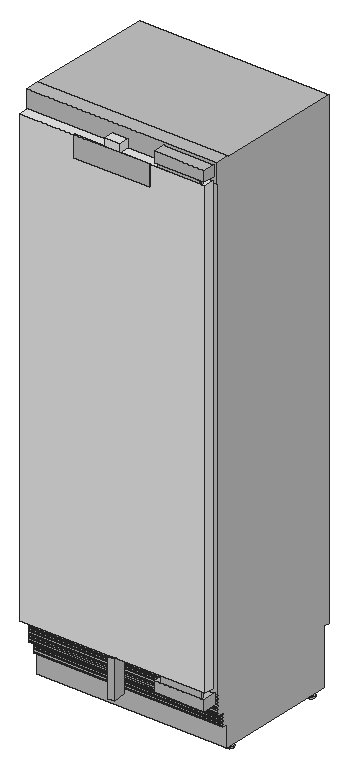
Revit family "FP_Revit_18_RS3084SRK1_Fridge_90001080A", category Specialty Equipment, Revit 2018
Family settings
  Round Connector Dimension = Use Diameter
  Part Type = Normal
  OmniClass Number = 23.40.40.11.11
  OmniClass Title = Refrigerators and Freezers
  Work Plane-Based = No
  Always vertical = Yes
  Cut with Voids When Loaded = Yes
  Shared = No
  Room Calculation Point = No
Parameters (values of type "RS3084SRK1")
  Visibility - Water Connection = no
  Visibility - Visibility Control Note = yes
  Visibility - Clearance Required = yes
  URL = "www.fisherpaykel.com"
  Stainless Steel Door Panels (RD3484R4D) = no
  Product - Width = 756 mm  # constant formula
  Product - Height = 2134 mm  # constant formula
  Product - Depth (exl front panel) = 610 mm  # constant formula
  Model = "RS3084SRK1"
  Material - Handle = Fisher & Paykel - Aluminium
  Material - Door Structure = Fisher & Paykel - White
  Material - Door Front = Fisher & Paykel - Stainless Steel
  Material - Body = Fisher & Paykel - Grey
  Manufacturer = "Fisher & Paykel Appliances"
  Handle Style - Professional Square (AHV2-RD84) = no
  Handle Style - Professional Round (AHC-RD84) = no
  Handle Style - Contemporary Square (AHD3-RD84) = no
  Handle Style - Contemporary Round (AHS-RD84) = no
  Description = "30\" Integrated Column Refrigerator, stainless steel interior"
  Connector Description - Water = "Water Supply not required"
  Connector Description - Electrical = "120 V, 10 amp fused electrical supply"
  Cavity - Width = 762 mm  # constant formula
  Cavity - Height = 2134 mm  # constant formula
  Cavity - Depth = 635 mm  # constant formula
Types (4, lengths in mm): name | Visibility - Water Connection | Model | Description | Connector Description - Water
  (no name) | no | "RS3084SRK1" | "30\" Integrated Column Refrigerator, stainless steel interior" | "Water Supply not required"
  RS3084SRK1 | no | "RS3084SRK1" | "30\" Integrated Column Refrigerator, stainless steel interior" | "Water Supply not required"
  RS3084SRHK1 | yes | "RS3084SRHK1" | "30\" Integrated Column Refrigerator with internal water, stainless steel interior" | "1/4\" (6mm) comp. stainless steel braided hose"
  RS3084SR1 | no | "RS3084SR1" | "30\" Integrated Column Refrigerator, white interior" | "Water Supply not required"
Reference planes
  plane 1 "Datum": y = 0
  plane 2: z = 0
  plane 3 "Center (Left/Right)": x = 0
  plane 4 "Product LHS": x = -378
  plane 5 "Product RHS": x = 378
  plane 6 "Product - Depth": y = 610
  plane 7 "Cavity LHS": x = -381
  plane 8 "Cavity RHS": x = 381
  plane 9 "Cavity - Depth": y = 612.9
  plane 10 "Handle Offset": x = -315
  plane 11 "Product Height": z = 2134
  plane 12 "Cavity Height": z = 2134
  plane 13 "Door Panel Datum": y = -4.1
Forms (mm)
  Extrusion 1, solid, material "Fisher & Paykel - Grey" <- "Material - Body", detail levels fine
    sketch origin (0, 0, 0) x (0, 1, 0) y (0, 0, 1)
      loop
        line (100.1, 19.1) -> (587.9, 19.1) -> (587.9, 239.7) -> (610, 239.7) -> (610, 2131.9) -> (105.1, 2131.9) -> (105.1, 2134) -> (49.9, 2134) -> (49.9, 2059) -> (56, 2059) -> (56, 228.6) -> (59.5, 228.6) -> (59.5, 219.7) -> (56.5, 219.7) -> (56.5, 215.9) -> (59.5, 215.9) -> (59.5, 207) -> (56.5, 207) -> (56.5, 203.2) -> (59.5, 203.2) -> (59.5, 194.3) -> (56.5, 194.3) -> (56.5, 190.5) -> (59.5, 190.5) -> (59.5, 181.6) -> (56.5, 181.6) -> (56.5, 177.8) -> (59.5, 177.8) -> (59.5, 168.9) -> (56.5, 168.9) -> (56.5, 165.1) -> (59.5, 165.1) -> (59.5, 156.2) -> (56.5, 156.2) -> (56.5, 152.4) -> (84.1, 152.4) -> (84.1, 143.5) -> (81.1, 143.5) -> (81.1, 139.7) -> (84.1, 139.7) -> (84.1, 130.8) -> (81.1, 130.8) -> (81.1, 127) -> (84.1, 127) -> (84.1, 118.1) -> (81.1, 118.1) -> (81.1, 114.3) -> (84.1, 114.3) -> (84.1, 105.4) -> (81.1, 105.4) -> (81.1, 101.6) -> (100.1, 101.6) -> (100.1, 19.1)
    from -378 to 378
  Extrusion 2, solid, material "Fisher & Paykel - Grey" <- "Material - Body"
    sketch origin (0, 0, 0) x (1, 0, 0) y (0, 1, 0)
      loop
        circle (-357.5, 547.8) r 4.1
      loop
        circle (-357.5, 141.8) r 4.1
      loop
        circle (357.5, 547.8) r 4.1
      loop
        circle (357.5, 141.8) r 4.1
    from 3 to 19.1
  Extrusion 3, solid, material "Fisher & Paykel - Grey" <- "Material - Body"
    sketch origin (0, 0, 0) x (1, 0, 0) y (0, 1, 0)
      loop
        circle (-357.5, 547.8) r 14.5
      loop
        circle (-357.5, 141.8) r 14.555
      loop
        circle (357.5, 547.8) r 14.5
      loop
        circle (357.5, 141.8) r 14.555
    from 0 to 3
  Extrusion 4, solid, material "Fisher & Paykel - Grey" <- "Material - Body", detail levels fine
    sketch origin (0, 0, 0) x (1, 0, 0) y (0, 1, 0)
      loop
        line (-7.5, 49) -> (-13.797, -4.1) -> (13.797, -4.1) -> (7.5, 49) -> (-7.5, 49)
    from 104.2 to 254.2
  Extrusion 5, solid, material "Fisher & Paykel - Grey" <- "Material - Body", detail levels fine
    sketch origin (0, 0, 0) x (0, 1, 0) y (0, 0, 1)
      loop
        line (0, 2070.6) -> (0, 1988.6) -> (2, 1988.6) -> (2, 2068.6) -> (4, 2068.6) -> (4, 2070.6) -> (0, 2070.6)
    from -150 to 150
  Extrusion 6, solid, material "Fisher & Paykel - Grey" <- "Material - Body"
    sketch origin (0, 0, 0) x (1, 0, 0) y (0, 0, 1)
      loop
        circle (303, 119.813) r 5
      loop
        circle (-303, 119.813) r 5
    from -590 to -587.9
  Extrusion 7, solid, material "Fisher & Paykel - White" <- "Material - Door Structure"
    sketch origin (0, 0, 0) x (1, 0, 0) y (0, 1, 0)
      loop
        line (-353, 56) -> (-353, 42) -> (353, 42) -> (353, 56) -> (-353, 56)
    from 269.6 to 2030.7
  Extrusion 8, solid, material "Fisher & Paykel - White" <- "Material - Door Structure"
    sketch origin (0, 0, 0) x (1, 0, 0) y (0, 1, 0)
      loop
        line (-369.4, 42) -> (-369.4, 3) -> (369.4, 3) -> (369.4, 42) -> (-369.4, 42)
    from 254.2 to 2068.6
  Extrusion 9, solid, material "Fisher & Paykel - White" <- "Material - Door Structure", detail levels fine
    sketch origin (0, 0, 0) x (1, 0, 0) y (0, 0, 1)
      loop
        line (-29.5, 2100.1) -> (-29.5, 2068.6) -> (29.5, 2068.6) -> (29.5, 2100.1) -> (-29.5, 2100.1)
    from -42 to -3
  Extrusion 10, solid, material "Fisher & Paykel - Stainless Steel" <- "Material - Door Front", visible <- "Stainless Steel Door Panels (RD3484R4D)"
    sketch origin (0, 0, 0) x (0, 1, 0) y (0, 0, 1)
      loop
        line (-22.1, 2130.8) -> (-22.1, 102) -> (-4.1, 102) -> (-4.1, 2130.8) -> (-22.1, 2130.8)
    from -378 to 378
  Extrusion 11, solid, material "Fisher & Paykel - Grey" <- "Material - Body", detail levels coarse+medium
    sketch origin (0, 0, 0) x (0, 1, 0) y (0, 0, 1)
      loop
        line (49.9, 2134) -> (49.9, 2059) -> (56, 2059) -> (56, 152.4) -> (81.1, 152.4) -> (81.1, 101.6) -> (100.1, 101.6) -> (100.1, 19.1) -> (587.9, 19.1) -> (587.9, 239.7) -> (610, 239.7) -> (610, 2134) -> (49.9, 2134)
    from -378 to 378
  Extrusion 12, solid, material "Fisher & Paykel - Grey" <- "Material - Body", detail levels fine
    sketch origin (0, 0, -4) x (0, 1, 0) y (0, 0, 1)
      loop
        arc (163.888, 23.1) -> (180.4, 13.63) -> (196.912, 23.1) r 19.13
        line (196.912, 23.1) -> (163.888, 23.1)
      loop
        arc (493.888, 23.1) -> (510.4, 13.63) -> (526.912, 23.1) r 19.13
        line (526.912, 23.1) -> (493.888, 23.1)
    from 191 to 219
  Extrusion 13, solid, material "Fisher & Paykel - Grey" <- "Material - Body", detail levels fine
    sketch origin (0, 0, -4) x (0, 1, 0) y (0, 0, -1)
      loop
        line (163.888, -23.1) -> (196.912, -23.1)
        arc (196.912, -23.1) -> (180.4, -13.63) -> (163.888, -23.1) r 19.13
      loop
        line (493.888, -23.1) -> (526.912, -23.1)
        arc (526.912, -23.1) -> (510.4, -13.63) -> (493.888, -23.1) r 19.13
    from 191 to 219
  Extrusion 14, solid, material "Fisher & Paykel - Clearance Required", visible <- "Visibility - Clearance Required", detail levels coarse
    sketch origin (0, 0, 0) x (1, 0, 0) y (0, 1, 0)
      loop
        line (-381, 612.9) -> (-381, -4.1) -> (381, -4.1) -> (381, 612.9) -> (-381, 612.9)
    from 0 to 2134
  Extrusion 15, void
    sketch origin (0, 0, 0) x (1, 0, 0) y (0, 1, 0)
      loop
        line (-381, 612.9) -> (-381, -22.1) -> (381, -22.1) -> (381, 612.9) -> (-381, 612.9)
    from 0 to 2134
  Extrusion 16, solid, material "Fisher & Paykel - Grey" <- "Material - Body", detail levels fine
    sketch origin (73, 0, 0) x (1, 0, 0) y (0, 0, 1)
      loop
        line (118.4, 254.2) -> (118.4, 229.75) -> (282.9, 229.75) -> (282.9, 254.2) -> (118.4, 254.2)
      loop
        line (106, 2081.05) -> (106, 2068.6) -> (282.9, 2068.6) -> (282.9, 2076.05) -> (242.9, 2081.05) -> (106, 2081.05)
    from -7 to -4
  Extrusion 17, solid, material "Fisher & Paykel - Clearance Required", visible <- "Visibility - Clearance Required", detail levels coarse
    sketch origin (0, 0, 0) x (1, 0, 0) y (0, 1, 0)
      loop
        line (-328.5, -22.1) -> (-378, -22.1)
        arc (-378, -22.1) -> (-22.015, -691.951) -> (734.604, -746.289) r 783.517
        line (734.604, -746.289) -> (712.602, -698.95) -> (738.875, -686.699)
        arc (738.875, -686.699) -> (747.815, -662.136) -> (723.252, -653.196) r 18.483
        line (723.252, -653.196) -> (697.006, -665.395) -> (415.915, -60.616)
        arc (415.915, -60.616) -> (380.992, -57.074) -> (378, -22.1) r 27.5
        line (378, -22.1) -> (-328.5, -22.1)
    from 0 to 2134
  Extrusion 18, solid, material "Fisher & Paykel - Grey" <- "Material - Body", detail levels fine
    sketch origin (0, 0, 0) x (1, 0, 0) y (0, 0, 1)
      loop
        line (366.4, 2123.15) -> (168.42, 2123.15) -> (168.42, 2081.05) -> (366.4, 2081.05) -> (366.4, 2123.15)
    from -49 to -2.5
  Extrusion 19, solid, material "Fisher & Paykel - Grey" <- "Material - Body", detail levels fine
    sketch origin (0, 0, 0) x (1, 0, 0) y (0, 0, 1)
      loop
        line (366.4, 187.65) -> (366.4, 229.75) -> (168.42, 229.75) -> (168.42, 187.65) -> (366.4, 187.65)
    from -56 to -2.5
Lines and regions (mm)
  model lines, style "Fisher & Paykel"
    curve 1: line (-378, -4.1, 2130.8) -> (378, -4.1, 2130.8)
    curve 2: line (-378, -4.1, 102) -> (-378, -4.1, 2130.8)
    curve 3: line (378, -4.1, 102) -> (-378, -4.1, 102)
    curve 4: line (378, -4.1, 2130.8) -> (378, -4.1, 102)
Text (mm)
  text "Due to ongoing product development, product details are subject to change without notice. \nPlease always refer to www.fisherpaykel.com for the most current product information. \n© Fisher & Paykel 2020" at (41.04, -848.295, 0), in view "Ref. Level (Plan)"
Dimensions and locks
  equal spacing: plane 4 "Product LHS", plane 3 "Center (Left/Right)", plane 5 "Product RHS"
  "Product - Width": plane 4 "Product LHS" to plane 5 "Product RHS"
  "Product - Depth (exl front panel)": plane 1 "Datum" to plane 6 "Product - Depth"
  equal spacing: plane 7 "Cavity LHS", plane 3 "Center (Left/Right)", plane 8 "Cavity RHS"
  "Cavity - Width": plane 7 "Cavity LHS" to plane 8 "Cavity RHS"
  plane 4 "Product LHS" to Extrusion 2 sketch curve = 24.6 mm
  plane 4 "Product LHS" to plane 10 "Handle Offset" = 63 mm
  Extrusion 6 sketch curve to Extrusion 1 = 119.887 mm  (x2)
  Extrusion 6 sketch curve to plane 5 "Product RHS" = 75 mm
  plane 4 "Product LHS" to Extrusion 6 sketch curve = 75 mm
  Extrusion 1 sketch curve to Extrusion 1 sketch curve = 82.5 mm
  Extrusion 1 sketch curve to Extrusion 1 sketch curve = 209.5 mm
  Extrusion 1 sketch curve to Extrusion 1 sketch curve = 220.6 mm
  Extrusion 3 to level = 3 mm
  Extrusion 11 to Extrusion 8 = 235.1 mm
  Extrusion 11 to Extrusion 7 = 250.5 mm
  Extrusion 11 to Extrusion 11 = 2114.9 mm
  Extrusion 11 to Extrusion 10 = 82.9 mm
  "Product - Height": level to plane 11 "Product Height"
  plane 11 "Product Height" to Extrusion 10 = 3.2 mm
  Extrusion 8 to plane 11 "Product Height" = 65.4 mm
  Extrusion 7 to plane 11 "Product Height" = 103.3 mm
  Extrusion 11 sketch curve to plane 11 "Product Height" = 75 mm
  Extrusion 1 sketch curve to plane 11 "Product Height" = 2.1 mm
  Extrusion 1 sketch curve to plane 11 "Product Height" = 75 mm
  "Cavity - Height": plane 12 "Cavity Height" to level
  plane 1 "Datum" to Extrusion 14 = 612.9 mm
  plane 1 "Datum" to Extrusion 15 = 612.9 mm
  Extrusion 16 sketch curve to Extrusion 16 sketch curve = 40 mm
  Extrusion 16 sketch curve to plane 3 "Center (Left/Right)" = 179 mm
  Extrusion 16 sketch curve to Extrusion 16 sketch curve = 176.9 mm
  Extrusion 16 sketch curve to plane 3 "Center (Left/Right)" = 191.4 mm
  plane 3 "Center (Left/Right)" to Extrusion 16 sketch curve = 355.9 mm
  Extrusion 17 to plane 1 "Datum" = 22.1 mm
  "Cavity - Depth": plane 9 "Cavity - Depth" to Extrusion 17
  radius of Extrusion 6 sketch curve = 5 mm
  aligned and locked: level to plane 2
  aligned and locked: Extrusion 10 to plane 5 "Product RHS"
  aligned and locked: plane 4 "Product LHS" to Extrusion 10
  aligned and locked: Extrusion 11 to plane 5 "Product RHS"
  aligned and locked: Extrusion 11 to plane 4 "Product LHS"
  aligned and locked: Extrusion 11 sketch curve to plane 11 "Product Height"
  aligned and locked: plane 11 "Product Height" to Extrusion 1 sketch curve
  aligned and locked: Extrusion 12 sketch curve to Extrusion 12 sketch curve
  aligned and locked: Extrusion 13 sketch curve to Extrusion 13 sketch curve
  aligned and locked: Extrusion 1 to plane 5 "Product RHS"
  aligned and locked: plane 4 "Product LHS" to Extrusion 1
  aligned and locked: Extrusion 11 sketch curve to Extrusion 1  (x4)
  aligned and locked: Extrusion 2 to Extrusion 1
  aligned and locked: nested 2 to plane 10 "Handle Offset"
  aligned and locked: nested 3 to plane 10 "Handle Offset"
  aligned and locked: nested 4 to plane 10 "Handle Offset"
  aligned and locked: nested 5 to plane 10 "Handle Offset"
Automatic sketch dimensions
  Extrusion 1 sketch curve to plane 6 "Product - Depth" = 0 mm
  Extrusion 1 sketch curve to Extrusion 1 sketch curve = 22.1 mm
  Extrusion 1 sketch curve to plane 1 "Datum" = 105.1 mm
  level to Extrusion 1 sketch curve = 19.1 mm
  Extrusion 1 sketch curve to plane 1 "Datum" = 100.1 mm
  Extrusion 1 sketch curve to Extrusion 1 sketch curve = 16 mm
  Extrusion 1 sketch curve to Extrusion 1 sketch curve = 0 mm  (x8)
  Extrusion 1 sketch curve to Extrusion 1 sketch curve = 3 mm  (x10)
  Extrusion 1 sketch curve to plane 1 "Datum" = 59.5 mm
  Extrusion 1 sketch curve to plane 1 "Datum" = 56 mm
  Extrusion 1 sketch curve to plane 1 "Datum" = 49.9 mm
  Extrusion 1 sketch curve to Extrusion 1 sketch curve = 3.8 mm  (x10)
  Extrusion 1 sketch curve to Extrusion 1 sketch curve = 8.9 mm  (x9)
  Extrusion 2 sketch curve to plane 4 "Product LHS" = 20.5 mm  (x2)
  plane 5 "Product RHS" to Extrusion 2 sketch curve = 20.5 mm  (x2)
  Extrusion 2 sketch curve to plane 1 "Datum" = 141.8 mm  (x2)
  Extrusion 2 sketch curve to plane 6 "Product - Depth" = 62.2 mm  (x2)
  Extrusion 3 sketch curve to plane 4 "Product LHS" = 20.5 mm  (x2)
  plane 5 "Product RHS" to Extrusion 3 sketch curve = 20.5 mm  (x2)
  Extrusion 3 sketch curve to plane 1 "Datum" = 141.8 mm  (x2)
  Extrusion 3 sketch curve to plane 6 "Product - Depth" = 62.2 mm  (x2)
  plane 1 "Datum" to Extrusion 4 sketch curve = 4.1 mm
  Extrusion 4 sketch curve to plane 3 "Center (Left/Right)" = 13.797 mm
  Extrusion 4 sketch curve to plane 3 "Center (Left/Right)" = 7.5 mm
  plane 3 "Center (Left/Right)" to Extrusion 4 sketch curve = 7.5 mm
  plane 3 "Center (Left/Right)" to Extrusion 4 sketch curve = 13.797 mm
  Extrusion 4 sketch curve to plane 1 "Datum" = 49 mm
  Extrusion 5 sketch curve to plane 1 "Datum" = 0 mm
  Extrusion 5 sketch curve to plane 1 "Datum" = 2 mm
  Extrusion 5 sketch curve to Extrusion 5 sketch curve = 2 mm  (x2)
  plane 11 "Product Height" to Extrusion 5 sketch curve = 145.4 mm
  plane 11 "Product Height" to Extrusion 5 sketch curve = 65.4 mm
  Extrusion 7 sketch curve to plane 4 "Product LHS" = 25 mm
  plane 5 "Product RHS" to Extrusion 7 sketch curve = 25 mm
  Extrusion 7 sketch curve to plane 1 "Datum" = 42 mm
  Extrusion 7 sketch curve to Extrusion 7 sketch curve = 14 mm
  Extrusion 8 sketch curve to plane 1 "Datum" = 3 mm
  Extrusion 8 sketch curve to plane 4 "Product LHS" = 8.6 mm
  plane 5 "Product RHS" to Extrusion 8 sketch curve = 8.6 mm
  Extrusion 8 sketch curve to Extrusion 8 sketch curve = 39 mm
  Extrusion 9 sketch curve to plane 3 "Center (Left/Right)" = 29.5 mm
  plane 3 "Center (Left/Right)" to Extrusion 9 sketch curve = 29.5 mm
  plane 11 "Product Height" to Extrusion 9 sketch curve = 65.4 mm
  Extrusion 9 sketch curve to Extrusion 9 sketch curve = 31.5 mm
  plane 1 "Datum" to Extrusion 10 sketch curve = 22.1 mm
  plane 1 "Datum" to Extrusion 10 sketch curve = 4.1 mm
  level to Extrusion 10 sketch curve = 102 mm
  plane 11 "Product Height" to Extrusion 10 sketch curve = 3.2 mm
  Extrusion 11 sketch curve to plane 6 "Product - Depth" = 0 mm
  Extrusion 11 sketch curve to plane 6 "Product - Depth" = 22.1 mm
  Extrusion 11 sketch curve to plane 1 "Datum" = 100.1 mm
  Extrusion 11 sketch curve to Extrusion 11 sketch curve = 19 mm
  Extrusion 11 sketch curve to plane 1 "Datum" = 56 mm
  Extrusion 11 sketch curve to plane 1 "Datum" = 49.9 mm
  Extrusion 11 sketch curve to Extrusion 11 sketch curve = 50.8 mm
  level to Extrusion 12 sketch curve = 19.1 mm
  Extrusion 12 sketch curve to plane 1 "Datum" = 163.888 mm
  Extrusion 12 sketch curve to Extrusion 12 sketch curve = 16.512 mm  (x2)
  Extrusion 12 sketch curve to plane 6 "Product - Depth" = 116.112 mm
  Extrusion 12 sketch curve to Extrusion 12 sketch curve = 9.66 mm  (x2)
  level to Extrusion 13 sketch curve = 19.1 mm
  Extrusion 13 sketch curve to plane 1 "Datum" = 163.888 mm
  Extrusion 13 sketch curve to Extrusion 13 sketch curve = 16.512 mm  (x2)
  Extrusion 13 sketch curve to plane 6 "Product - Depth" = 116.112 mm
  Extrusion 13 sketch curve to Extrusion 13 sketch curve = 9.66 mm  (x2)
  Extrusion 14 sketch curve to plane 7 "Cavity LHS" = 0 mm
  Extrusion 14 sketch curve to plane 8 "Cavity RHS" = 0 mm
  Extrusion 14 sketch curve to plane 9 "Cavity - Depth" = 0 mm
  plane 1 "Datum" to Extrusion 14 sketch curve = 4.1 mm
  Extrusion 15 sketch curve to plane 7 "Cavity LHS" = 0 mm
  Extrusion 15 sketch curve to plane 8 "Cavity RHS" = 0 mm
  Extrusion 15 sketch curve to plane 9 "Cavity - Depth" = 0 mm
  plane 1 "Datum" to Extrusion 15 sketch curve = 22.1 mm
  level to Extrusion 16 sketch curve = 229.75 mm
  Extrusion 16 sketch curve to Extrusion 16 sketch curve = 24.45 mm
  plane 11 "Product Height" to Extrusion 16 sketch curve = 65.4 mm
  Extrusion 16 sketch curve to Extrusion 16 sketch curve = 7.45 mm
  Extrusion 16 sketch curve to Extrusion 16 sketch curve = 5 mm
  Extrusion 17 sketch curve to plane 4 "Product LHS" = 0 mm
  plane 10 "Handle Offset" to Extrusion 17 sketch curve = 13.5 mm
  plane 5 "Product RHS" to Extrusion 17 sketch curve = 0 mm
  Extrusion 17 sketch curve to plane 8 "Cavity RHS" = 19.59 mm
  Extrusion 17 sketch curve to Extrusion 17 sketch curve = 4.816 mm
  Extrusion 17 sketch curve to Extrusion 17 sketch curve = 10.509 mm
  Extrusion 17 sketch curve to plane 8 "Cavity RHS" = 316.006 mm
  Extrusion 17 sketch curve to Extrusion 17 sketch curve = 15.596 mm
  Extrusion 17 sketch curve to Extrusion 17 sketch curve = 26.246 mm
  Extrusion 17 sketch curve to Extrusion 17 sketch curve = 7.811 mm  (x2)
  Extrusion 17 sketch curve to Extrusion 17 sketch curve = 22.003 mm
  plane 1 "Datum" to Extrusion 17 sketch curve = 746.289 mm
  Extrusion 17 sketch curve to Extrusion 17 sketch curve = 47.339 mm
  Extrusion 17 sketch curve to Extrusion 17 sketch curve = 12.251 mm
  Extrusion 17 sketch curve to Extrusion 17 sketch curve = 16.751 mm
  Extrusion 17 sketch curve to Extrusion 17 sketch curve = 12.199 mm
  Extrusion 17 sketch curve to Extrusion 17 sketch curve = 22.833 mm
  plane 11 "Product Height" to Extrusion 18 sketch curve = 10.85 mm
  plane 3 "Center (Left/Right)" to Extrusion 18 sketch curve = 168.42 mm
  plane 5 "Product RHS" to Extrusion 18 sketch curve = 11.6 mm
  Extrusion 18 sketch curve to Extrusion 18 sketch curve = 42.1 mm
  plane 3 "Center (Left/Right)" to Extrusion 19 sketch curve = 168.42 mm
  plane 5 "Product RHS" to Extrusion 19 sketch curve = 11.6 mm
  level to Extrusion 19 sketch curve = 187.65 mm
  Extrusion 19 sketch curve to Extrusion 19 sketch curve = 42.1 mm
  plane 5 "Product RHS" to curve 1 = 0 mm
  plane 4 "Product LHS" to curve 3 = 0 mm
  level to curve 3 = 102 mm
  plane 11 "Product Height" to curve 2 = 3.2 mm
  radius of Extrusion 2 sketch curve = 4.1 mm  (x3)
  radius of Extrusion 3 sketch curve = 14.5 mm  (x2)
  radius of Extrusion 3 sketch curve = 14.555 mm  (x2)
  radius of Extrusion 6 sketch curve = 5 mm
Nested families
  nested 1: "Visibility Control Note 18" at (0, 0, 0), visible <- "Visibility - Visibility Control Note", type "Visibility Control Note 18"
  nested 2: "Handle Contemporary Round - Vertical" at (-315, -22.1, 1242.58), visible <- "Handle Style - Contemporary Round (AHS-RD84)", type "AHS-RD84 - Contemporary round handle (Vertical) 852mm"
  nested 3: "Handle Contemporary Square - Vertical" at (-315, -22.1, 1242.58), visible <- "Handle Style - Contemporary Square (AHD3-RD84)", type "AHD3-RD84 - Contemporary square handle (Vertical) 852mm"
  nested 4: "Handle Professional Round - Vertical" at (-315, -22.1, 1242.58), visible <- "Handle Style - Professional Round (AHC-RD84)", type "AHC-RD84 - Professional round handle (Vertical) 786mm"
  nested 5: "Handle Professional Square - Vertical" at (-315, -22.1, 1242.58), visible <- "Handle Style - Professional Square (AHV2-RD84)", type "AHV2-RD84 - Professional square handle (Vertical) 792mm"
Connectors
  electrical at (-303, 590, 119.813), driven by "Connector Description - Electrical"
    settings: on Extrusion 6, index 1, voltage 120 V, apparent load 0 VA, apparent load phase1 0 VA, apparent load phase2 0 VA, apparent load phase3 0 VA, power factor 1, load classification "Other", number of poles 1, system type 30, power factor state 1, is connector primary yes, connector utility no, sub classification motor no, connector description "120 V, 10 amp fused electrical supply"
  piping at (303, 590, 119.813), diameter 12.7, driven by "Visibility - Water Connection", driven by "Connector Description - Water"
    settings: on Extrusion 6, index 2, connector inside diameter 609.6 mm, connector length 0 mm, flow factor 0, pipe flow 0.0 L/s, pressure drop 0.0 Pa, fitting loss kfactor 0, connector angle 0.00°, fixture units 0, engagement length 0 mm, angle of deflection 0.00°, flow configuration 0, flow direction 1, fitting loss method 0, system type 20, joint type 0, gender type 0, connector reference index -1, connector utility 0, adjustable connector no, is connector primary yes, connector description "Water Supply not required"
Definition of nested family "Handle Contemporary Round - Vertical"
  Parameters (values of type "AHSRS80A - Contemporary round handle (1 of 2) (Vertical) 727mm")
    URL = "www.fisherpaykel.com"
    Material - Handle = none
    Manufacturer = "Fisher & Paykel Appliances"
    Handle - Length = 727 mm
  Types (6, lengths in mm): name | Handle - Length
    AHS-RD21 - Contemporary round handle (Vertical) 852mm | 852
    AHSRD2484W - Contemporary round handle (1 of 2) (Vertical) 727mm | 727
    AHSRD3084W - Contemporary round handle (1 of 2) (Vertical) 727mm | 727
    AHS-RD84 - Contemporary round handle (Vertical) 852mm | 852
    AHSRS3272A - Contemporary round handle (1 of 2) (Vertical) 727mm | 727
    AHSRS80A - Contemporary round handle (1 of 2) (Vertical) 727mm | 727
  Reference planes
    plane 1 "Center (Front/Back)": y = 0
    plane 2: z = 0
    plane 3 "Center (Left/Right)": x = 0
    plane 4 "Top": z = 363.5
    plane 5 "Bottom": z = -363.5
    plane 6 "Top Standoff": z = 243.5
    plane 7 "Bottom Standoff": z = -243.5
  Forms (mm)
    Extrusion 1, solid, material <- "Material - Handle"
      sketch origin (0, 0, 0) x (1, 0, 0) y (0, 1, 0)
        loop
          circle (0, -32.3) r 8.7
      from -243.5 to 243.5
    Extrusion 2, solid, material <- "Material - Handle", detail levels fine
      sketch origin (0, 0, 0) x (1, 0, 0) y (0, 1, 0)
        loop
          line (-8.7, 0) -> (-8.7, -32.3)
          arc (-8.7, -32.3) -> (0, -41) -> (8.7, -32.3) r 8.7
          line (8.7, -32.3) -> (8.7, 0) -> (-8.7, 0)
      from 243.5 to 363.5
    Extrusion 3, solid, material <- "Material - Handle", detail levels fine
      sketch origin (0, 0, 0) x (1, 0, 0) y (0, 1, 0)
        loop
          line (-8.7, 0) -> (-8.7, -32.3)
          arc (-8.7, -32.3) -> (0, -41) -> (8.7, -32.3) r 8.7
          line (8.7, -32.3) -> (8.7, 0) -> (-8.7, 0)
      from -363.5 to -243.5
    Sweep 4, void
      path in 3D
        loop
          line (8.7, 0, -363.5) -> (8.7, -32.3, -363.5)
          arc (8.7, -32.3, -363.5) -> (0, -41, -363.5) -> (-8.7, -32.3, -363.5) r 8.7
          line (-8.7, -32.3, -363.5) -> (-8.7, 0, -363.5)
      profile origin (8.7, -16.15, -363.5) x (-1, 0, 0) y (0, 0, -1)
        loop
          line (0, 0) -> (0, -1) -> (1, 0) -> (0, 0)
    Sweep 5, void
      path in 3D
        loop
          line (-8.7, 0, 363.5) -> (-8.7, -32.3, 363.5)
          arc (-8.7, -32.3, 363.5) -> (0, -41, 363.5) -> (8.7, -32.3, 363.5) r 8.7
          line (8.7, -32.3, 363.5) -> (8.7, 0, 363.5)
      profile origin (8.7, -16.15, 363.5) x (-1, 0, 0) y (0, 0, 1)
        loop
          line (0, 0) -> (0, -1) -> (1, 0) -> (0, 0)
    Extrusion 6, solid, material <- "Material - Handle", detail levels coarse+medium
      sketch origin (0, 0, 0) x (1, 0, 0) y (0, 1, 0)
        loop
          line (-8.7, 0) -> (-8.7, -32.3)
          arc (-8.7, -32.3) -> (0, -41) -> (8.7, -32.3) r 8.7
          line (8.7, -32.3) -> (8.7, 0) -> (-8.7, 0)
      from 243.5 to 363.5
    Extrusion 7, solid, material <- "Material - Handle", detail levels coarse+medium
      sketch origin (0, 0, 0) x (1, 0, 0) y (0, 1, 0)
        loop
          line (-8.7, 0) -> (-8.7, -32.3)
          arc (-8.7, -32.3) -> (0, -41) -> (8.7, -32.3) r 8.7
          line (8.7, -32.3) -> (8.7, 0) -> (-8.7, 0)
      from -363.5 to -243.5
  Cuts and joins
    Sweep 4 cuts Extrusion 3
    Sweep 5 cuts Extrusion 2
  Lines and regions (mm)
    sketch lines
      curve 1: line (8.7, 0, -363.5) -> (8.7, -32.3, -363.5)
      curve 2: arc (-8.7, -32.3, -363.5) -> (0, -41, -363.5) -> (8.7, -32.3, -363.5) r 8.7
      curve 3: line (-8.7, -32.3, -363.5) -> (-8.7, 0, -363.5)
      curve 4: line (8.7, -32.3, 363.5) -> (8.7, 0, 363.5)
      curve 5: arc (8.7, -32.3, 363.5) -> (0, -41, 363.5) -> (-8.7, -32.3, 363.5) r 8.7
      curve 6: line (-8.7, 0, 363.5) -> (-8.7, -32.3, 363.5)
  Dimensions and locks
    equal spacing: plane 4 "Top", level, plane 5 "Bottom"
    "Handle - Length": plane 4 "Top" to plane 5 "Bottom"
    locked: plane 4 "Top" to plane 6 "Top Standoff" at 120
    locked: plane 7 "Bottom Standoff" to plane 5 "Bottom" at 120
    Extrusion 2 sketch curve to Extrusion 2 sketch curve = 17.4 mm
    Extrusion 3 sketch curve to Extrusion 3 sketch curve = 17.4 mm
    Extrusion 6 sketch curve to Extrusion 6 sketch curve = 17.4 mm
    Extrusion 7 sketch curve to Extrusion 7 sketch curve = 17.4 mm
    aligned and locked: level to plane 2
    aligned and locked: plane 4 "Top" to Extrusion 2
    aligned and locked: Extrusion 3 to plane 5 "Bottom"
    aligned and locked: plane 7 "Bottom Standoff" to Extrusion 3
    aligned and locked: Extrusion 1 to plane 7 "Bottom Standoff"
    aligned and locked: plane 6 "Top Standoff" to Extrusion 1
    aligned and locked: Extrusion 2 to Extrusion 1
    aligned and locked: Extrusion 6 to Extrusion 1
    aligned and locked: plane 4 "Top" to Extrusion 6
    aligned and locked: Extrusion 7 to Extrusion 1
    aligned and locked: Extrusion 7 to plane 5 "Bottom"
  Automatic sketch dimensions
    Extrusion 1 sketch curve to plane 3 "Center (Left/Right)" = 0 mm
    plane 1 "Center (Front/Back)" to Extrusion 1 sketch curve = 32.3 mm
    plane 1 "Center (Front/Back)" to Extrusion 2 sketch curve = 0 mm
    Extrusion 2 sketch curve to plane 3 "Center (Left/Right)" = 0 mm
    Extrusion 2 sketch curve to plane 3 "Center (Left/Right)" = 8.7 mm
    plane 1 "Center (Front/Back)" to Extrusion 2 sketch curve = 32.3 mm
    plane 1 "Center (Front/Back)" to Extrusion 3 sketch curve = 0 mm
    Extrusion 3 sketch curve to plane 3 "Center (Left/Right)" = 0 mm
    Extrusion 3 sketch curve to plane 3 "Center (Left/Right)" = 8.7 mm
    plane 1 "Center (Front/Back)" to Extrusion 3 sketch curve = 32.3 mm
    Sweep 4 sketch curve to profile plane = 0 mm  (x2)
    Sweep 4 sketch curve to profile plane = 1 mm  (x2)
    Sweep 5 sketch curve to profile plane = 0 mm  (x2)
    Sweep 5 sketch curve to profile plane = 1 mm  (x2)
    Extrusion 6 sketch curve to plane 3 "Center (Left/Right)" = 0 mm
    Extrusion 6 sketch curve to plane 3 "Center (Left/Right)" = 8.7 mm
    plane 1 "Center (Front/Back)" to Extrusion 6 sketch curve = 32.3 mm
    Extrusion 6 sketch curve to Extrusion 6 sketch curve = 32.3 mm
    Extrusion 7 sketch curve to plane 3 "Center (Left/Right)" = 0 mm
    Extrusion 7 sketch curve to plane 3 "Center (Left/Right)" = 8.7 mm
    plane 1 "Center (Front/Back)" to Extrusion 7 sketch curve = 32.3 mm
    Extrusion 7 sketch curve to Extrusion 7 sketch curve = 32.3 mm
    radius of Extrusion 1 sketch curve = 8.7 mm
Definition of nested family "Handle Contemporary Square - Vertical"
  Parameters (values of type "AHD3RS80A - Contemporary square handle (1 of 2) (Vertical) 727mm")
    URL = "www.fisherpaykel.com"
    Material - Handle = none
    Manufacturer = "Fisher & Paykel Appliances"
    Handle - Length = 727 mm
  Types (7, lengths in mm): name | Handle - Length
    (no name) | 727
    AHD3-RD21 - Contemporary square handle (Vertical) 852mm | 852
    AHD3RD2484W - Contemporary square handle (1 of 2) (Vertical) 727mm | 727
    AHD3RD3084W - Contemporary square handle (1 of 2) (Vertical) 727mm | 727
    AHD3-RD84 - Contemporary square handle (Vertical) 852mm | 852
    AHD3RS3272A - Contemporary square handle (1 of 2) (Vertical) 727mm | 727
    AHD3RS80A - Contemporary square handle (1 of 2) (Vertical) 727mm | 727
  Reference planes
    plane 1 "Center (Front/Back)": y = 0
    plane 2: z = 0
    plane 3 "Center (Left/Right)": x = 0
    plane 4 "Top": z = 363.5
    plane 5 "Bottom": z = -363.5
    plane 6 "Top Standoff": z = 243.5
    plane 7 "Bottom Standoff": z = -243.5
  Forms (mm)
    Extrusion 1, solid, material <- "Material - Handle", detail levels fine
      sketch origin (0, 0, 0) x (1, 0, 0) y (0, 1, 0)
        loop
          arc (-7.583, -28.701) -> (-7.89, -29.057) -> (-8, -29.514) r 1
          line (-8, -29.514) -> (-8, -40.5)
          arc (-8, -40.5) -> (-7.561, -41.561) -> (-6.5, -42) r 1.5
          line (-6.5, -42) -> (6.5, -42)
          arc (6.5, -42) -> (7.561, -41.561) -> (8, -40.5) r 1.5
          line (8, -40.5) -> (8, -29.487)
          arc (8, -29.487) -> (7.889, -29.029) -> (7.58, -28.673) r 1
          arc (7.58, -28.673) -> (-0.006, -26.256) -> (-7.583, -28.701) r 13.038
      from -363.5 to 363.5
    Extrusion 2, solid, material <- "Material - Handle", detail levels fine
      sketch origin (0, 0, 0) x (1, 0, 0) y (0, 1, 0)
        loop
          arc (7.058, -28.23) -> (7.466, -28.244) -> (7.674, -27.893) r 0.4
          line (7.674, -27.893) -> (7.674, 0) -> (-7.674, 0) -> (-7.674, -27.86)
          arc (-7.674, -27.86) -> (-7.467, -28.21) -> (-7.06, -28.198) r 0.4
          arc (-7.06, -28.198) -> (0.004, -26.156) -> (7.058, -28.23) r 13.136
      from 243.5 to 363.5
    Extrusion 3, solid, material <- "Material - Handle", detail levels fine
      sketch origin (0, 0, 0) x (1, 0, 0) y (0, 1, 0)
        loop
          arc (7.058, -28.23) -> (7.466, -28.244) -> (7.674, -27.893) r 0.4
          line (7.674, -27.893) -> (7.674, 0) -> (-7.674, 0) -> (-7.674, -27.86)
          arc (-7.674, -27.86) -> (-7.467, -28.21) -> (-7.06, -28.198) r 0.4
          arc (-7.06, -28.198) -> (0.004, -26.156) -> (7.058, -28.23) r 13.136
      from -363.5 to -243.5
    Sweep 4, void
      path in 3D
        loop
          line (-8, -29.514, 363.5) -> (-8, -40.5, 363.5)
          arc (-8, -40.5, 363.5) -> (-7.561, -41.561, 363.5) -> (-6.5, -42, 363.5) r 1.5
          line (-6.5, -42, 363.5) -> (6.5, -42, 363.5)
          arc (6.5, -42, 363.5) -> (7.561, -41.561, 363.5) -> (8, -40.5, 363.5) r 1.5
          line (8, -40.5, 363.5) -> (8, -29.487, 363.5)
      profile origin (8, -34.994, 363.5) x (-1, 0, 0) y (0, 0, 1)
        loop
          line (0, 0) -> (0, -1.3) -> (1.3, 0) -> (0, 0)
    Sweep 5, void
      path in 3D
        loop
          line (8, -29.487, -363.5) -> (8, -40.5, -363.5)
          arc (8, -40.5, -363.5) -> (7.561, -41.561, -363.5) -> (6.5, -42, -363.5) r 1.5
          line (6.5, -42, -363.5) -> (-6.5, -42, -363.5)
          arc (-6.5, -42, -363.5) -> (-7.561, -41.561, -363.5) -> (-8, -40.5, -363.5) r 1.5
          line (-8, -40.5, -363.5) -> (-8, -29.514, -363.5)
      profile origin (8, -34.994, -363.5) x (-1, 0, 0) y (0, 0, -1)
        loop
          line (0, 0) -> (0, -1.3) -> (1.3, 0) -> (0, 0)
    Extrusion 6, void
      sketch origin (0, 0, 0) x (1, 0, 0) y (0, 0, 1)
        loop
          line (-8, -362.2) -> (-8, -363.5) -> (-6.7, -363.5) -> (-8, -362.2)
        loop
          line (8, -362.2) -> (6.7, -363.5) -> (8, -363.5) -> (8, -362.2)
      from 0 to 40
    Extrusion 7, void
      sketch origin (0, 0, 0) x (1, 0, 0) y (0, 0, 1)
        loop
          line (-8, 363.5) -> (-8, 362.2) -> (-6.7, 363.5) -> (-8, 363.5)
        loop
          line (8, 363.5) -> (6.7, 363.5) -> (8, 362.2) -> (8, 363.5)
      from 0 to 40
    Extrusion 8, solid, material <- "Material - Handle", detail levels coarse+medium
      sketch origin (0, 0, 0) x (0, 1, 0) y (0, 0, 1)
        loop
          line (0, 363.5) -> (-42, 363.5) -> (-42, -363.5) -> (0, -363.5) -> (0, -243.5) -> (-26.245, -243.5) -> (-26.245, 243.5) -> (0, 243.5) -> (0, 363.5)
      from -8 to 8
  Cuts and joins
    Sweep 4, Sweep 5, Extrusion 6, Extrusion 7 cuts Extrusion 1
    Extrusion 6 cuts Extrusion 3
    Extrusion 7 cuts Extrusion 2
  Lines and regions (mm)
    sketch lines
      curve 1: line (8, -40.5, 363.5) -> (8, -29.487, 363.5)
      curve 2: arc (8, -40.5, 363.5) -> (7.561, -41.561, 363.5) -> (6.5, -42, 363.5) r 1.5
      curve 3: line (-6.5, -42, 363.5) -> (6.5, -42, 363.5)
      curve 4: arc (-6.5, -42, 363.5) -> (-7.561, -41.561, 363.5) -> (-8, -40.5, 363.5) r 1.5
      curve 5: line (-8, -29.514, 363.5) -> (-8, -40.5, 363.5)
      curve 6: line (8, -29.487, -363.5) -> (8, -40.5, -363.5)
      curve 7: arc (6.5, -42, -363.5) -> (7.561, -41.561, -363.5) -> (8, -40.5, -363.5) r 1.5
      curve 8: line (6.5, -42, -363.5) -> (-6.5, -42, -363.5)
      curve 9: arc (-8, -40.5, -363.5) -> (-7.561, -41.561, -363.5) -> (-6.5, -42, -363.5) r 1.5
      curve 10: line (-8, -40.5, -363.5) -> (-8, -29.514, -363.5)
  Dimensions and locks
    equal spacing: plane 4 "Top", level, plane 5 "Bottom"
    "Handle - Length": plane 4 "Top" to plane 5 "Bottom"
    locked: plane 4 "Top" to plane 6 "Top Standoff" at 120
    locked: plane 7 "Bottom Standoff" to plane 5 "Bottom" at 120
    aligned and locked: level to plane 2
    aligned and locked: plane 4 "Top" to Extrusion 2
    aligned and locked: Extrusion 2 to plane 6 "Top Standoff"
    aligned and locked: plane 4 "Top" to Extrusion 1
    aligned and locked: Extrusion 1 to plane 5 "Bottom"
    aligned and locked: Extrusion 3 to plane 5 "Bottom"
    aligned and locked: plane 7 "Bottom Standoff" to Extrusion 3
    aligned and locked: plane 4 "Top" to Extrusion 8 sketch curve
    aligned and locked: plane 6 "Top Standoff" to Extrusion 8 sketch curve
    aligned and locked: plane 7 "Bottom Standoff" to Extrusion 8 sketch curve
    aligned and locked: plane 5 "Bottom" to Extrusion 8 sketch curve
    aligned and locked: plane 1 "Center (Front/Back)" to Extrusion 8 sketch curve  (x2)
  Automatic sketch dimensions
    Extrusion 1 sketch curve to plane 3 "Center (Left/Right)" = 8 mm
    Extrusion 1 sketch curve to Extrusion 1 sketch curve = 1 mm  (x2)
    Extrusion 1 sketch curve to Extrusion 1 sketch curve = 1.5 mm
    plane 3 "Center (Left/Right)" to Extrusion 1 sketch curve = 0.018 mm
    plane 3 "Center (Left/Right)" to Extrusion 1 sketch curve = 6.5 mm
    plane 3 "Center (Left/Right)" to Extrusion 1 sketch curve = 7 mm
    plane 1 "Center (Front/Back)" to Extrusion 1 sketch curve = 42 mm
    Extrusion 1 sketch curve to Extrusion 1 sketch curve = 1.206 mm
    Extrusion 1 sketch curve to Extrusion 1 sketch curve = 10.986 mm
    Extrusion 1 sketch curve to Extrusion 1 sketch curve = 11.013 mm
    Extrusion 1 sketch curve to Extrusion 1 sketch curve = 0 mm
    plane 1 "Center (Front/Back)" to Extrusion 2 sketch curve = 0 mm
    Extrusion 2 sketch curve to plane 3 "Center (Left/Right)" = 7.674 mm
    Extrusion 2 sketch curve to Extrusion 2 sketch curve = 0.4 mm  (x2)
    Extrusion 2 sketch curve to plane 3 "Center (Left/Right)" = 0.026 mm
    plane 3 "Center (Left/Right)" to Extrusion 2 sketch curve = 7.274 mm
    plane 1 "Center (Front/Back)" to Extrusion 2 sketch curve = 27.86 mm
    Extrusion 2 sketch curve to Extrusion 2 sketch curve = 0.033 mm
    Extrusion 2 sketch curve to Extrusion 2 sketch curve = 11.398 mm
    Extrusion 2 sketch curve to Extrusion 2 sketch curve = 0 mm
    plane 1 "Center (Front/Back)" to Extrusion 3 sketch curve = 0 mm
    Extrusion 3 sketch curve to Extrusion 3 sketch curve = 0.4 mm  (x2)
    Extrusion 3 sketch curve to Extrusion 3 sketch curve = 7.248 mm
    Extrusion 3 sketch curve to Extrusion 3 sketch curve = 7.3 mm
    plane 1 "Center (Front/Back)" to Extrusion 3 sketch curve = 27.86 mm
    Extrusion 3 sketch curve to Extrusion 3 sketch curve = 0.033 mm
    Extrusion 3 sketch curve to Extrusion 3 sketch curve = 11.398 mm
    Extrusion 3 sketch curve to Extrusion 3 sketch curve = 0 mm
    Sweep 4 sketch curve to profile plane = 0 mm  (x2)
    Sweep 4 sketch curve to profile plane = 1.3 mm  (x2)
    Sweep 5 sketch curve to profile plane = 0 mm  (x2)
    Sweep 5 sketch curve to profile plane = 1.3 mm  (x2)
    Extrusion 6 sketch curve to plane 5 "Bottom" = 0 mm  (x2)
    plane 5 "Bottom" to Extrusion 6 sketch curve = 1.3 mm  (x2)
    Extrusion 6 sketch curve to plane 3 "Center (Left/Right)" = 8 mm
    Extrusion 6 sketch curve to Extrusion 6 sketch curve = 1.3 mm  (x2)
    plane 3 "Center (Left/Right)" to Extrusion 6 sketch curve = 8 mm
    Extrusion 7 sketch curve to plane 4 "Top" = 0 mm  (x2)
    Extrusion 7 sketch curve to plane 3 "Center (Left/Right)" = 8 mm
    Extrusion 7 sketch curve to Extrusion 7 sketch curve = 1.3 mm  (x2)
    plane 3 "Center (Left/Right)" to Extrusion 7 sketch curve = 8 mm
    Extrusion 7 sketch curve to plane 4 "Top" = 1.3 mm  (x2)
    plane 1 "Center (Front/Back)" to Extrusion 8 sketch curve = 26.245 mm
    plane 1 "Center (Front/Back)" to Extrusion 8 sketch curve = 42 mm
    Extrusion 3 sketch curve to plane 3 "Center (Left/Right)" = 7.674 mm
Definition of nested family "Handle Professional Round - Vertical"
  Parameters (values of type "AHCRD2484W - Professional round handle (1 of 2) (Vertical) 661mm")
    URL = "www.fisherpaykel.com"
    Material - Standoff = none
    Material - Handle = none
    Manufacturer = "Fisher & Paykel Appliances"
    Handle - Length = 661 mm
  Types (5, lengths in mm): name | Handle - Length
    (no name) | 661
    AHCRD2484W - Professional round handle (1 of 2) (Vertical) 661mm | 661
    AHCRD3084W - Professional round handle (1 of 2) (Vertical) 661mm | 661
    AHC-RD84 - Professional round handle (Vertical) 786mm | 786
    AHCRS3272A - Professional round handle (1 of 2) (Vertical) 661mm | 661
  Reference planes
    plane 1 "Center (Front/Back)": y = 0
    plane 2: z = 0
    plane 3 "Center (Left/Right)": x = 0
    plane 4 "Top": z = 330.5
    plane 5 "Bottom": z = -330.5
    plane 6 "Top Standoff": z = 286.5
    plane 7 "Bottom Standoff": z = -286.5
  Forms (mm)
    Extrusion 1, solid, material <- "Material - Standoff", detail levels fine
      sketch origin (0, 0, 0) x (1, 0, 0) y (0, 1, 0)
        loop
          line (-18.5, 0) -> (-18.5, -39.4)
          arc (-18.5, -39.4) -> (0, -57.9) -> (18.5, -39.4) r 18.5
          line (18.5, -39.4) -> (18.5, 0) -> (-18.5, 0)
      from 286.5 to 330.5
    Extrusion 2, solid, material <- "Material - Standoff", detail levels fine
      sketch origin (0, 0, 0) x (1, 0, 0) y (0, 1, 0)
        loop
          line (-18.5, 0) -> (-18.5, -39.4)
          arc (-18.5, -39.4) -> (0, -57.9) -> (18.5, -39.4) r 18.5
          line (18.5, -39.4) -> (18.5, 0) -> (-18.5, 0)
      from -330.5 to -286.5
    Extrusion 3, solid, material <- "Material - Handle"
      sketch origin (0, 0, 0) x (1, 0, 0) y (0, 1, 0)
        loop
          circle (0, -39.4) r 12.7
      from -286.5 to 286.5
    Sweep 4, void
      path in 3D
        loop
          line (-18.5, 0, 330.5) -> (-18.5, -39.4, 330.5)
          arc (-18.5, -39.4, 330.5) -> (0, -57.9, 330.5) -> (18.5, -39.4, 330.5) r 18.5
          line (18.5, -39.4, 330.5) -> (18.5, 0, 330.5)
      profile origin (18.5, -19.7, 330.5) x (-1, 0, 0) y (0, 0, 1)
        loop
          line (0, 0) -> (0, -3) -> (3, 0) -> (0, 0)
    Sweep 5, void
      path in 3D
        loop
          line (18.5, 0, -330.5) -> (18.5, -39.4, -330.5)
          arc (18.5, -39.4, -330.5) -> (0, -57.9, -330.5) -> (-18.5, -39.4, -330.5) r 18.5
          line (-18.5, -39.4, -330.5) -> (-18.5, 0, -330.5)
      profile origin (18.5, -19.7, -330.5) x (-1, 0, 0) y (0, 0, -1)
        loop
          line (0, 0) -> (0, -3) -> (3, 0) -> (0, 0)
    Extrusion 6, solid, material <- "Material - Standoff", detail levels coarse+medium
      sketch origin (0, 0, 0) x (1, 0, 0) y (0, 1, 0)
        loop
          line (-18.5, 0) -> (-18.5, -39.4)
          arc (-18.5, -39.4) -> (0, -57.9) -> (18.5, -39.4) r 18.5
          line (18.5, -39.4) -> (18.5, 0) -> (-18.5, 0)
      from 286.5 to 330.5
    Extrusion 7, solid, material <- "Material - Standoff", detail levels coarse+medium
      sketch origin (0, 0, 0) x (1, 0, 0) y (0, 1, 0)
        loop
          line (-18.5, 0) -> (-18.5, -39.4)
          arc (-18.5, -39.4) -> (0, -57.9) -> (18.5, -39.4) r 18.5
          line (18.5, -39.4) -> (18.5, 0) -> (-18.5, 0)
      from -330.5 to -286.5
  Cuts and joins
    Sweep 4 cuts Extrusion 1
    Sweep 5 cuts Extrusion 2
  Lines and regions (mm)
    sketch lines
      curve 1: line (18.5, -39.4, 330.5) -> (18.5, 0, 330.5)
      curve 2: arc (18.5, -39.4, 330.5) -> (0, -57.9, 330.5) -> (-18.5, -39.4, 330.5) r 18.5
      curve 3: line (-18.5, 0, 330.5) -> (-18.5, -39.4, 330.5)
      curve 4: line (18.5, 0, -330.5) -> (18.5, -39.4, -330.5)
      curve 5: arc (-18.5, -39.4, -330.5) -> (0, -57.9, -330.5) -> (18.5, -39.4, -330.5) r 18.5
      curve 6: line (-18.5, -39.4, -330.5) -> (-18.5, 0, -330.5)
  Dimensions and locks
    equal spacing: plane 4 "Top", level, plane 5 "Bottom"
    "Handle - Length": plane 4 "Top" to plane 5 "Bottom"
    plane 4 "Top" to plane 6 "Top Standoff" = 44 mm
    plane 7 "Bottom Standoff" to plane 5 "Bottom" = 44 mm
    aligned and locked: level to plane 2
    aligned and locked: plane 4 "Top" to Extrusion 1
    aligned and locked: Extrusion 1 to plane 6 "Top Standoff"
    aligned and locked: Extrusion 2 to plane 5 "Bottom"
    aligned and locked: plane 7 "Bottom Standoff" to Extrusion 2
    aligned and locked: plane 6 "Top Standoff" to Extrusion 3
    aligned and locked: Extrusion 3 to plane 7 "Bottom Standoff"
    aligned and locked: plane 4 "Top" to Extrusion 6
    aligned and locked: Extrusion 7 to plane 5 "Bottom"
    aligned and locked: plane 7 "Bottom Standoff" to Extrusion 7
    aligned and locked: Extrusion 6 to plane 6 "Top Standoff"
  Automatic sketch dimensions
    plane 1 "Center (Front/Back)" to Extrusion 1 sketch curve = 0 mm
    Extrusion 1 sketch curve to plane 3 "Center (Left/Right)" = 0 mm
    Extrusion 1 sketch curve to plane 3 "Center (Left/Right)" = 18.5 mm
    plane 1 "Center (Front/Back)" to Extrusion 1 sketch curve = 39.4 mm
    plane 1 "Center (Front/Back)" to Extrusion 2 sketch curve = 0 mm
    Extrusion 2 sketch curve to plane 3 "Center (Left/Right)" = 0 mm
    Extrusion 2 sketch curve to plane 3 "Center (Left/Right)" = 18.5 mm
    plane 1 "Center (Front/Back)" to Extrusion 2 sketch curve = 39.4 mm
    Extrusion 3 sketch curve to plane 3 "Center (Left/Right)" = 0 mm
    plane 1 "Center (Front/Back)" to Extrusion 3 sketch curve = 39.4 mm
    Sweep 4 sketch curve to profile plane = 0 mm  (x2)
    Sweep 4 sketch curve to profile plane = 3 mm  (x2)
    Sweep 5 sketch curve to profile plane = 0 mm  (x2)
    Sweep 5 sketch curve to profile plane = 3 mm  (x2)
    Extrusion 6 sketch curve to plane 3 "Center (Left/Right)" = 0 mm
    Extrusion 6 sketch curve to plane 3 "Center (Left/Right)" = 18.5 mm
    plane 1 "Center (Front/Back)" to Extrusion 6 sketch curve = 39.4 mm
    Extrusion 6 sketch curve to Extrusion 6 sketch curve = 39.4 mm
    Extrusion 7 sketch curve to plane 3 "Center (Left/Right)" = 0 mm
    Extrusion 7 sketch curve to plane 3 "Center (Left/Right)" = 18.5 mm
    plane 1 "Center (Front/Back)" to Extrusion 7 sketch curve = 39.4 mm
    Extrusion 7 sketch curve to Extrusion 7 sketch curve = 39.4 mm
    radius of Extrusion 3 sketch curve = 12.7 mm
Definition of nested family "Handle Professional Square - Vertical"
  Parameters (values of type "AHV2RS3272A - Professional square handle (1 of 2) (Vertical) 727mm")
    URL = "www.fisherpaykel.com"
    Material - Handle = none
    Manufacturer = "Fisher & Paykel Appliances"
    Handle - Length = 727 mm
  Types (5, lengths in mm): name | Handle - Length
    (no name) | 727
    AHV2RD2484W - Professional square handle (1 of 2) (Vertical) 727mm | 727
    AHV2RD3084W - Professional square handle (1 of 2) (Vertical) 727mm | 727
    AHV2-RD84 - Professional square handle (Vertical) 792mm | 792
    AHV2RS3272A - Professional square handle (1 of 2) (Vertical) 727mm | 727
  Reference planes
    plane 1 "Center (Front/Back)": y = 0
    plane 2: z = 0
    plane 3 "Center (Left/Right)": x = 0
    plane 4 "Top": z = 363.5
    plane 5 "Bottom": z = -363.5
    plane 6 "Top Standoff": z = 313.5
    plane 7 "Bottom Standoff": z = -313.5
  Forms (mm)
    Extrusion 1, solid, material <- "Material - Handle", detail levels fine
      sketch origin (0, 0, 0) x (0, 1, 0) y (0, 0, 1)
        loop
          line (0, 363.5) -> (-40, 363.5)
          arc (-40, 363.5) -> (-47.071, 360.571) -> (-50, 353.5) r 10
          line (-50, 353.5) -> (-50, 313.5) -> (0, 313.5) -> (0, 363.5)
        loop
          line (0, -363.5) -> (0, -313.5) -> (-50, -313.5) -> (-50, -353.5)
          arc (-50, -353.5) -> (-47.071, -360.571) -> (-40, -363.5) r 10
          line (-40, -363.5) -> (0, -363.5)
      from -17.5 to 17.5
    Sweep 2, void
      path in 3D
        loop
          line (17.5, 0, 363.5) -> (17.5, -40, 363.5)
          arc (17.5, -40, 363.5) -> (17.5, -47.071, 360.571) -> (17.5, -50, 353.5) r 10
          line (17.5, -50, 353.5) -> (17.5, -50, 313.5)
      profile origin (17.5, -20, 363.5) x (1, 0, 0) y (0, 0, 1)
        loop
          line (0, 0) -> (-2.5, 0) -> (0, -2.5) -> (0, 0)
    Sweep 3, void
      path in 3D
        loop
          line (-17.5, -50, 313.5) -> (-17.5, -50, 353.5)
          arc (-17.5, -50, 353.5) -> (-17.5, -47.071, 360.571) -> (-17.5, -40, 363.5) r 10
          line (-17.5, -40, 363.5) -> (-17.5, 0, 363.5)
      profile origin (-17.5, -20, 363.5) x (-1, 0, 0) y (0, 0, 1)
        loop
          line (0, 0) -> (-2.5, 0) -> (0, -2.5) -> (0, 0)
    Sweep 4, void
      path in 3D
        loop
          line (17.5, -50, -313.5) -> (17.5, -50, -353.5)
          arc (17.5, -50, -353.5) -> (17.5, -47.071, -360.571) -> (17.5, -40, -363.5) r 10
          line (17.5, -40, -363.5) -> (17.5, 0, -363.5)
      profile origin (17.5, -20, -363.5) x (1, 0, 0) y (0, 0, -1)
        loop
          line (0, 0) -> (-2.5, 0) -> (0, -2.5) -> (0, 0)
    Sweep 5, void
      path in 3D
        loop
          line (-17.5, 0, -363.5) -> (-17.5, -40, -363.5)
          arc (-17.5, -40, -363.5) -> (-17.5, -47.071, -360.571) -> (-17.5, -50, -353.5) r 10
          line (-17.5, -50, -353.5) -> (-17.5, -50, -313.5)
      profile origin (-17.5, -20, -363.5) x (-1, 0, 0) y (0, 0, -1)
        loop
          line (0, 0) -> (-2.5, 0) -> (0, -2.5) -> (0, 0)
    Extrusion 6, solid, material <- "Material - Handle", detail levels fine
      sketch origin (0, 0, 0) x (1, 0, 0) y (0, 1, 0)
        loop
          line (-15.5, -36.737) -> (-15.5, -46.422) -> (-14.172, -47.75) -> (14.172, -47.75) -> (15.5, -46.422) -> (15.5, -36.737)
          arc (15.5, -36.737) -> (0, -32.25) -> (-15.5, -36.737) r 29.013
      from -313.5 to 313.5
    Extrusion 7, solid, material <- "Material - Handle", detail levels coarse+medium
      sketch origin (0, 0, 0) x (0, 1, 0) y (0, 0, 1)
        loop
          line (0, 363.5) -> (-40, 363.5)
          arc (-40, 363.5) -> (-47.071, 360.571) -> (-50, 353.5) r 10
          line (-50, 353.5) -> (-50, -353.5)
          arc (-50, -353.5) -> (-47.071, -360.571) -> (-40, -363.5) r 10
          line (-40, -363.5) -> (0, -363.5) -> (0, -313.5) -> (-31.95, -313.5) -> (-31.95, 313.5) -> (0, 313.5) -> (0, 363.5)
      from -17.5 to 17.5
  Cuts and joins
    Sweep 2, Sweep 3, Sweep 4, Sweep 5 cuts Extrusion 1
  Lines and regions (mm)
    sketch lines
      curve 1: line (17.5, 0, 363.5) -> (17.5, -40, 363.5)
      curve 2: arc (17.5, -50, 353.5) -> (17.5, -47.071, 360.571) -> (17.5, -40, 363.5) r 10
      curve 3: line (17.5, -50, 353.5) -> (17.5, -50, 313.5)
      curve 4: line (-17.5, -40, 363.5) -> (-17.5, 0, 363.5)
      curve 5: arc (-17.5, -40, 363.5) -> (-17.5, -47.071, 360.571) -> (-17.5, -50, 353.5) r 10
      curve 6: line (-17.5, -50, 313.5) -> (-17.5, -50, 353.5)
      curve 7: line (17.5, -40, -363.5) -> (17.5, 0, -363.5)
      curve 8: arc (17.5, -40, -363.5) -> (17.5, -47.071, -360.571) -> (17.5, -50, -353.5) r 10
      curve 9: line (17.5, -50, -313.5) -> (17.5, -50, -353.5)
      curve 10: line (-17.5, 0, -363.5) -> (-17.5, -40, -363.5)
      curve 11: arc (-17.5, -50, -353.5) -> (-17.5, -47.071, -360.571) -> (-17.5, -40, -363.5) r 10
      curve 12: line (-17.5, -50, -353.5) -> (-17.5, -50, -313.5)
  Dimensions and locks
    equal spacing: plane 4 "Top", level, plane 5 "Bottom"
    "Handle - Length": plane 4 "Top" to plane 5 "Bottom"
    plane 7 "Bottom Standoff" to plane 5 "Bottom" = 50 mm
    plane 4 "Top" to plane 6 "Top Standoff" = 50 mm
    aligned and locked: level to plane 2
    aligned and locked: plane 4 "Top" to Extrusion 1 sketch curve
    aligned and locked: plane 5 "Bottom" to Extrusion 1 sketch curve
    aligned and locked: Extrusion 1 sketch curve to plane 1 "Center (Front/Back)"
    aligned and locked: plane 1 "Center (Front/Back)" to Extrusion 1 sketch curve
    aligned and locked: plane 6 "Top Standoff" to Extrusion 1 sketch curve
    aligned and locked: plane 7 "Bottom Standoff" to Extrusion 1 sketch curve
    aligned and locked: plane 6 "Top Standoff" to Extrusion 6
    aligned and locked: Extrusion 6 to plane 7 "Bottom Standoff"
    aligned and locked: plane 4 "Top" to Extrusion 7 sketch curve
    aligned and locked: plane 6 "Top Standoff" to Extrusion 7 sketch curve
    aligned and locked: plane 1 "Center (Front/Back)" to Extrusion 7 sketch curve
    aligned and locked: plane 7 "Bottom Standoff" to Extrusion 7 sketch curve
    aligned and locked: plane 5 "Bottom" to Extrusion 7 sketch curve
    aligned and locked: Extrusion 7 sketch curve to plane 1 "Center (Front/Back)"
  Automatic sketch dimensions
    Sweep 2 sketch curve to profile plane = 0 mm
    profile plane to Sweep 2 sketch curve = 0 mm
    profile plane to Sweep 2 sketch curve = 2.5 mm
    Sweep 2 sketch curve to profile plane = 2.5 mm
    Sweep 3 sketch curve to profile plane = 0 mm  (x2)
    profile plane to Sweep 3 sketch curve = 2.5 mm
    Sweep 3 sketch curve to profile plane = 2.5 mm
    Sweep 4 sketch curve to profile plane = 0 mm
    profile plane to Sweep 4 sketch curve = 0 mm
    profile plane to Sweep 4 sketch curve = 2.5 mm
    Sweep 4 sketch curve to profile plane = 2.5 mm
    Sweep 5 sketch curve to profile plane = 0 mm  (x2)
    profile plane to Sweep 5 sketch curve = 2.5 mm
    Sweep 5 sketch curve to profile plane = 2.5 mm
    plane 1 "Center (Front/Back)" to Extrusion 1 sketch curve = 40 mm  (x2)
    Extrusion 1 sketch curve to Extrusion 1 sketch curve = 10 mm  (x2)
    Extrusion 6 sketch curve to plane 3 "Center (Left/Right)" = 0 mm
    Extrusion 6 sketch curve to Extrusion 6 sketch curve = 1.328 mm  (x4)
    plane 1 "Center (Front/Back)" to Extrusion 6 sketch curve = 61.263 mm
    Extrusion 6 sketch curve to Extrusion 6 sketch curve = 13.513 mm
    Extrusion 6 sketch curve to Extrusion 6 sketch curve = 9.684 mm  (x2)
    Extrusion 6 sketch curve to plane 3 "Center (Left/Right)" = 14.172 mm
    plane 1 "Center (Front/Back)" to Extrusion 7 sketch curve = 31.95 mm
    plane 1 "Center (Front/Back)" to Extrusion 7 sketch curve = 40 mm  (x2)
    Extrusion 7 sketch curve to plane 4 "Top" = 10 mm
Definition of nested family "Visibility Control Note 18"
  Types (3): name
    New
    Resolved
    Active
  Reference planes
    plane 1: y = 0
    plane 2: x = 0
  Text (mm)
    text "Edit Type: \nTo control handle kit \nand door panel visibility\n options\n\nDelete unwanted kits \nto reduce file size" at (-0.165, 35.556, 0)
